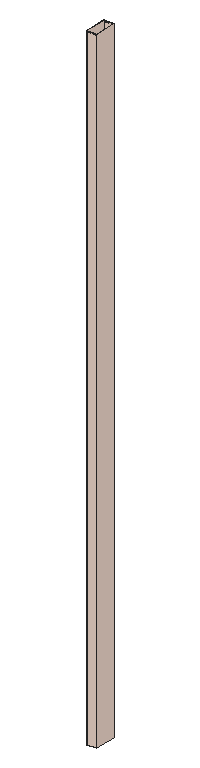
Revit family "SQ-BAR45100", category 機械設備, Revit 2020
Family settings
  丸型コネクタ寸法 = 直径を使用
  種別 = なし
  パーツ タイプ = 標準
  作業面ベース = いいえ
  常に垂直 = はい
  ロード時にボイドで切り取り = いいえ
  共有 = いいえ
  部屋計算ポイント = いいえ
Parameters
  製造元 = "株式会社桐井製作所"
  既定の高さ = 0 mm
  URL = "https://www.kirii.co.jp/"
  K_長さ(mm) [instance] = 3000 mm
  K_材質 = "SGCC　一般用"
  K_断面積A(mm2) = 134
  K_断面係数Zy(mm3) = 2247
  K_断面係数Zx(mm3) = 3387
  K_断面2次半径iy(mm) = 19.9
  K_断面2次半径ix(mm) = 35.6
  K_断面2次モーメントIy(mm4) = 52940
  K_断面2次モーメントIx(mm4) = 169400
  K_外形寸法(mm) = "□45×100"
  K_品名 = "SQ-BAR45100"
  K_名称 = "角型スタッド"
  K_単位質量(kg/m) = 1.09
  K_ヤング係数E(N/mm2) = 205000
  K_バージョン情報 = "20210524"
  K_めっき付着量 = "Z08"
  K_JIS規格 = "JIS G 3302"
Reference planes
  plane 1 "中心(正面/背面)": y = 0
  plane 2: z = 0
  plane 3 "中心(左/右)": x = 0
  plane 4: x = 22.5
  plane 5: x = -22.5
  plane 6: y = 50
  plane 7: z = 3000
  plane 8: y = -50
Forms (mm)
  Extrusion 1, solid
    sketch origin (0.5, -20, 0) x (1, 0, 0) y (0, 1, 0)
      loop
        line (-23, 70) -> (-23, -30) -> (22, -30) -> (22, 70) -> (-23, 70)
      loop
        line (-22.5, 69.5) -> (-22.5, -29.5) -> (21.5, -29.5) -> (21.5, 69.5) -> (-22.5, 69.5)
    from 0 to 3000
Dimensions and locks
  locked: Extrusion 1 sketch curve to Extrusion 1 sketch curve at 0.5  (x4)
  "K_長さ(mm)": plane 7 to level
  aligned and locked: level to plane 2
  aligned and locked: Extrusion 1 sketch curve to plane 6
  aligned and locked: plane 7 to Extrusion 1
  aligned and locked: plane 6 to Extrusion 1
  aligned and locked: Extrusion 1 to plane 8
  aligned and locked: Extrusion 1 to plane 5
  aligned and locked: plane 4 to Extrusion 1
Automatic sketch dimensions
  Extrusion 1 sketch curve to plane 4 = 0.5 mm
  plane 5 to Extrusion 1 sketch curve = 0.5 mm
  plane 1 "中心(正面/背面)" to Extrusion 1 sketch curve = 49.5 mm
